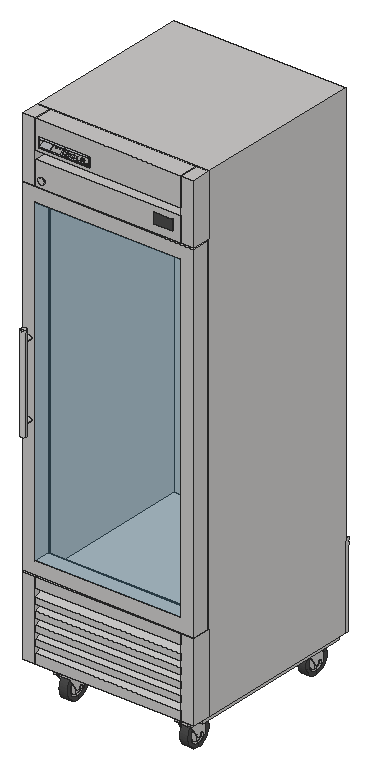
Revit family "QF_TRUE_TS-23G-HC~FGD01_cat", category Specialty Equipment, Revit 2015 (continued)
Definition of nested family "TS-23G-HC-FGD01"
  Automatic sketch dimensions
    Extrusion 23 sketch curve to Extrusion 23 sketch curve = 9 1/2"
    Extrusion 23 sketch curve to Extrusion 23 sketch curve = 55 1/4"
    Extrusion 23 sketch curve to Extrusion 23 sketch curve = 12 1/4"
    Extrusion 23 sketch curve to Extrusion 23 sketch curve = 0"
    Extrusion 23 sketch curve to Extrusion 23 sketch curve = 3"  (x2)
    Extrusion 24 sketch curve to Extrusion 24 sketch curve = 2"
    Extrusion 24 sketch curve to Extrusion 24 sketch curve = 77"
    Extrusion 25 sketch curve to Extrusion 25 sketch curve = 25"
    Extrusion 25 sketch curve to Extrusion 25 sketch curve = 1 3/8"
    Extrusion 26 sketch curve to Extrusion 26 sketch curve = 12.22095"
    Extrusion 26 sketch curve to Extrusion 26 sketch curve = 0.34482"
    Extrusion 26 sketch curve to Extrusion 26 sketch curve = 0.3805"
    Extrusion 26 sketch curve to Extrusion 26 sketch curve = 0.16647"
    Extrusion 26 sketch curve to Extrusion 26 sketch curve = 0.17678"  (x2)
    Extrusion 26 sketch curve to Extrusion 26 sketch curve = 0.14819"
    Extrusion 26 sketch curve to Extrusion 26 sketch curve = 3/8"
    Extrusion 26 sketch curve to Extrusion 26 sketch curve = 0"
    Extrusion 26 sketch curve to Extrusion 26 sketch curve = 1/4"
    Extrusion 26 sketch curve to Extrusion 26 sketch curve = 0.30004"
    plane 4 "RIGHT" to Extrusion 12 sketch curve = 3.25266"
    Extrusion 12 sketch curve to plane 6 "TOP" = 6.62607"
    Extrusion 12 sketch curve to Extrusion 12 sketch curve = 1.63987"
    Extrusion 12 sketch curve to Extrusion 12 sketch curve = 2.94794"
    curve 1 to plane 3 "LEFT" = 0"
    plane 5 "FRONT" to curve 11 = 0"
    curve 4 to plane 4 "RIGHT" = 0"
    plane 1 "BACK" to curve 5 = 0"
    curve 2 to plane 11 = 0"
    curve 9 to plane 12 = 7/16"
    curve 10 to curve 9 = 7/16"
    plane 3 "LEFT" to curve 11 = 0.78232"
    curve 11 to curve 12 = 0.6365"
    curve 12 to curve 7 = 0.58118"
    plane 4 "RIGHT" to curve 8 = 2"
    curve 9 to curve 12 = 0.3002"
    curve 7 to curve 7 = 3"
    Extrusion 27 sketch curve to plane 15 = 0"
    plane 15 to Extrusion 27 sketch curve = 25 3/4"
    Extrusion 27 sketch curve to Extrusion 27 sketch curve = 1.5775"
    Extrusion 27 sketch curve to Extrusion 27 sketch curve = 0.2834"
    curve 13 to curve 14 = 0.2834"
    curve 14 to curve 13 = 4.25181"
    curve 13 to curve 14 = 1.5775"
    curve 14 to curve 13 = 0"
    curve 13 to curve 14 = 13.13367"
    curve 15 to curve 16 = 0.2834"
    curve 16 to curve 15 = 4.25181"
    curve 15 to curve 16 = 1.5775"
    curve 16 to curve 15 = 0"
    curve 15 to curve 16 = 13.13367"
    Extrusion 20 sketch curve to plane 14 = 0"
    Extrusion 20 sketch curve to Extrusion 20 sketch curve = 50 3/4"
    Extrusion 20 sketch curve to Extrusion 20 sketch curve = 2"  (x3)
    Extrusion 6 sketch curve to plane 10 = 0"
    Extrusion 6 sketch curve to Extrusion 6 sketch curve = 50 3/4"
    Extrusion 6 sketch curve to Extrusion 6 sketch curve = 2"  (x3)
    Extrusion 17 sketch curve to Extrusion 17 sketch curve = 23"
    Extrusion 17 sketch curve to Extrusion 17 sketch curve = 50 3/4"
    Extrusion 3 sketch curve to Extrusion 3 sketch curve = 23"
    Extrusion 3 sketch curve to Extrusion 3 sketch curve = 50 3/4"
    Extrusion 22 sketch curve to Extrusion 15 = 1/4"  (x2)
    Extrusion 22 sketch curve to Extrusion 15 = 11 1/2"
    Extrusion 22 sketch curve to Extrusion 15 = 14 1/4"
    Extrusion 22 sketch curve to Extrusion 22 sketch curve = 1.62134"  (x2)
    Extrusion 8 sketch curve to Extrusion 1 = 1/4"  (x2)
    Extrusion 8 sketch curve to Extrusion 1 = 11 1/2"
    Extrusion 8 sketch curve to Extrusion 1 = 14 1/4"
    Extrusion 8 sketch curve to Extrusion 8 sketch curve = 1.62134"  (x2)
    plane 14 to Extrusion 20 sketch curve = 2"
    Extrusion 20 sketch curve to Extrusion 20 sketch curve = 23"
    Extrusion 15 to Extrusion 22 sketch curve = 23 1/4"
    Extrusion 22 sketch curve to Extrusion 22 sketch curve = 1 1/2"
    Revolve 29 sketch curve to Revolve 29 sketch curve = 7/16"
    Revolve 29 sketch curve to Revolve 29 sketch curve = 0"  (x2)
    Revolve 29 sketch curve to Revolve 29 sketch curve = 25/64"
    Extrusion 30 sketch curve to Extrusion 30 sketch curve = 0"
    curve 17 to curve 17 = 14 15/16"
    Revolve 29 sketch curve to Revolve 29 sketch curve = 14 15/16"
    Extrusion 30 sketch curve to Extrusion 30 sketch curve = 11.57772"
    plane 10 to Extrusion 6 sketch curve = 2"
    Extrusion 6 sketch curve to Extrusion 6 sketch curve = 23"
    Extrusion 1 to Extrusion 8 sketch curve = 23 1/4"
    Extrusion 8 sketch curve to Extrusion 8 sketch curve = 1 1/2"
    curve 18 to curve 18 = 14 15/16"
    Extrusion 15 to Extrusion 19 sketch curve = 2 5/8"
    Extrusion 1 to Extrusion 5 sketch curve = 2 5/8"
    Extrusion 33 sketch curve to Extrusion 33 sketch curve = 0.37938"
    Extrusion 33 sketch curve to Extrusion 33 sketch curve = 1"
    Extrusion 33 sketch curve to Extrusion 33 sketch curve = 1.65026"
    Extrusion 33 sketch curve to Extrusion 33 sketch curve = 0.43546"
    Extrusion 33 sketch curve to Extrusion 33 sketch curve = 0.50522"
    Extrusion 33 sketch curve to Extrusion 33 sketch curve = 0.51683"  (x2)
    Extrusion 33 sketch curve to Extrusion 33 sketch curve = 0.53428"
    Extrusion 34 sketch curve to Extrusion 34 sketch curve = 1"
    Extrusion 34 sketch curve to Extrusion 34 sketch curve = 0"
    Extrusion 36 sketch curve to Extrusion 36 sketch curve = 0.0411"
    Extrusion 36 sketch curve to Extrusion 36 sketch curve = 0.54506"
    Extrusion 36 sketch curve to Extrusion 36 sketch curve = 0.91779"
    Extrusion 36 sketch curve to Extrusion 36 sketch curve = 0.45494"
    Extrusion 36 sketch curve to Extrusion 36 sketch curve = 17/32"
    Extrusion 36 sketch curve to Extrusion 36 sketch curve = 1.82353"
    Extrusion 37 sketch curve to Extrusion 37 sketch curve = 0"  (x3)
    Extrusion 37 sketch curve to Extrusion 37 sketch curve = 0.0075"
    Extrusion 37 sketch curve to Extrusion 37 sketch curve = 2.06523"
    Extrusion 37 sketch curve to Extrusion 37 sketch curve = 0.04197"
    Extrusion 37 sketch curve to Extrusion 37 sketch curve = 0.42957"
    Extrusion 37 sketch curve to Extrusion 37 sketch curve = 0.94308"
    Extrusion 39 sketch curve to Extrusion 39 sketch curve = 0.37938"
    Extrusion 39 sketch curve to Extrusion 39 sketch curve = 1"
    Extrusion 39 sketch curve to Extrusion 39 sketch curve = 1.65026"
    Extrusion 39 sketch curve to Extrusion 39 sketch curve = 0.43546"
    Extrusion 39 sketch curve to Extrusion 39 sketch curve = 0.50522"
    Extrusion 39 sketch curve to Extrusion 39 sketch curve = 0.51683"  (x2)
    Extrusion 39 sketch curve to Extrusion 39 sketch curve = 0.53428"
    Extrusion 40 sketch curve to Extrusion 40 sketch curve = 1"
    Extrusion 40 sketch curve to Extrusion 40 sketch curve = 0"
    Extrusion 42 sketch curve to Extrusion 42 sketch curve = 0.0411"
    Extrusion 42 sketch curve to Extrusion 42 sketch curve = 0.54506"
    Extrusion 42 sketch curve to Extrusion 42 sketch curve = 0.91779"
    Extrusion 42 sketch curve to Extrusion 42 sketch curve = 0.45494"
    Extrusion 42 sketch curve to Extrusion 42 sketch curve = 17/32"
    Extrusion 42 sketch curve to Extrusion 42 sketch curve = 1.82353"
    Extrusion 43 sketch curve to Extrusion 43 sketch curve = 0"  (x3)
    Extrusion 43 sketch curve to Extrusion 43 sketch curve = 0.0075"
    Extrusion 43 sketch curve to Extrusion 43 sketch curve = 2.06523"
    Extrusion 43 sketch curve to Extrusion 43 sketch curve = 0.04197"
    Extrusion 43 sketch curve to Extrusion 43 sketch curve = 0.42957"
    Extrusion 43 sketch curve to Extrusion 43 sketch curve = 0.94308"
    radius of Extrusion 11 sketch curve = 1/4"
    radius of Extrusion 4 sketch curve = 1/2"
    radius of Extrusion 18 sketch curve = 1/2"
    radius of Extrusion 30 sketch curve = 0.31825"  (x2)
    radius of Extrusion 33 sketch curve = 1/4"  (x3)
    radius of Extrusion 34 sketch curve = 1/4"  (x2)
    radius of Extrusion 35 sketch curve to Extrusion 36 = 0"
    radius of Extrusion 36 sketch curve = 1/4"
    radius of Extrusion 37 sketch curve = 1/4"
    radius of Extrusion 38 sketch curve = 1/4"
    radius of Extrusion 39 sketch curve = 1/4"  (x3)
    radius of Extrusion 40 sketch curve = 1/4"  (x2)
    radius of Extrusion 41 sketch curve to Extrusion 42 = 0"
    radius of Extrusion 42 sketch curve = 1/4"
    radius of Extrusion 43 sketch curve = 1/4"
    radius of Extrusion 44 sketch curve = 1/4"
  Nested families (in)
    nested 1: "QF_LOGO_TRUE" at (2.5, -29.8125, 79.375), Show Logo <- "Show Logo", type "QF_LOGO_TRUE", detail levels medium+fine
      with Show Logo yes
  Definition of nested family "QF_LOGO_TRUE"
    Parameters (values of type "QF_LOGO_TRUE")
      Show Logo [instance] = yes
    Reference planes (in)
      plane 1 "Center (Front/Back)": y = 0
      plane 2: z = 0
      plane 3 "Center (Left/Right)": x = 0
    Forms (in)
      Extrusion 1, solid, visible <- "Show Logo", detail levels medium+fine
        sketch origin (-78.34647, 34.76905, -30.51001) x (1, 0, 0) y (0, 0, 1)
          loop
            line (81.15226, 31.65456) -> (81.07353, 31.48573) -> (82.12083, 31.48573)
            arc (82.12083, 31.48573) -> (82.14208, 31.44814) -> (82.12083, 31.41055) r 0.04386
            line (82.12083, 31.41055) -> (81.84767, 30.82478)
            arc (81.84767, 30.82478) -> (81.84531, 30.77052) -> (81.882, 30.73048) r 0.07096
            line (81.882, 30.73048) -> (82.55165, 30.73048)
            arc (82.55165, 30.73048) -> (82.63621, 30.75714) -> (82.69019, 30.82748) r 0.14742
            line (82.69019, 30.82748) -> (82.90515, 31.28847) -> (83.10265, 31.28847)
            arc (83.10265, 31.28847) -> (83.15447, 31.26942) -> (83.14697, 31.21472) r 0.04405
            line (83.14697, 31.21472) -> (82.9671, 30.82899)
            arc (82.9671, 30.82899) -> (82.9699, 30.76493) -> (83.02398, 30.73048) r 0.06943
            line (83.02398, 30.73048) -> (83.6124, 30.73048)
            arc (83.6124, 30.73048) -> (83.65748, 30.74689) -> (83.68147, 30.78844) r 0.07014
            arc (83.68147, 30.78844) -> (83.69845, 30.74745) -> (83.73943, 30.73048) r 0.05796
            line (83.73943, 30.73048) -> (84.112, 30.73048)
            arc (84.112, 30.73048) -> (84.15504, 30.74201) -> (84.18655, 30.77352) r 0.08608
            arc (84.18655, 30.77352) -> (84.20164, 30.7371) -> (84.23806, 30.72202) r 0.0515
            line (84.23806, 30.72202) -> (84.76757, 30.72202)
            arc (84.76757, 30.72202) -> (84.81086, 30.73995) -> (84.8288, 30.78324) r 0.06122
            arc (84.8288, 30.78324) -> (84.86848, 30.74355) -> (84.92269, 30.72903) r 0.10842
            line (84.92269, 30.72903) -> (85.91461, 30.72903) -> (86.02479, 30.91987) -> (85.0243, 30.91987)
            arc (85.0243, 30.91987) -> (84.99669, 30.93902) -> (84.99566, 30.97261) r 0.03732
            line (84.99566, 30.97261) -> (85.01297, 31.00972)
            arc (85.01297, 31.00972) -> (85.03954, 31.04453) -> (85.0813, 31.05774) r 0.07263
            line (85.0813, 31.05774) -> (85.40289, 31.05774)
            arc (85.40289, 31.05774) -> (85.4723, 31.07633) -> (85.52311, 31.12715) r 0.13882
            line (85.52311, 31.12715) -> (85.61625, 31.28847)
            arc (85.61625, 31.28847) -> (85.61625, 31.37458) -> (85.54168, 31.41763) r 0.08611
            line (85.54168, 31.41763) -> (85.20227, 31.41763)
            arc (85.20227, 31.41763) -> (85.11574, 31.40294) -> (85.05538, 31.33923) r 0.13863
            line (85.05538, 31.33923) -> (84.89409, 30.99333)
            arc (84.89409, 30.99333) -> (84.84649, 30.9313) -> (84.77191, 30.90778) r 0.13002
            line (84.77191, 30.90778) -> (84.41984, 30.90778)
            arc (84.41984, 30.90778) -> (84.3777, 30.95378) -> (84.38042, 31.0161) r 0.08151
            line (84.38042, 31.0161) -> (84.56766, 31.41763) -> (84.44849, 31.41763) -> (84.25012, 30.99222)
            arc (84.25012, 30.99222) -> (84.21158, 30.94199) -> (84.15119, 30.92296) r 0.10527
            line (84.15119, 30.92296) -> (83.90842, 30.92296)
            arc (83.90842, 30.92296) -> (83.8674, 30.97642) -> (83.87619, 31.04323) r 0.08805
            line (83.87619, 31.04323) -> (84.05078, 31.41763) -> (83.92772, 31.41763) -> (83.72676, 30.98668)
            arc (83.72676, 30.98668) -> (83.68011, 30.94003) -> (83.61639, 30.92296) r 0.12745
            line (83.61639, 30.92296) -> (83.26484, 30.92296)
            arc (83.26484, 30.92296) -> (83.2017, 30.9524) -> (83.19563, 31.0218) r 0.06967
            line (83.19563, 31.0218) -> (83.31118, 31.26961) -> (83.47452, 31.26961)
            arc (83.47452, 31.26961) -> (83.50209, 31.35268) -> (83.56075, 31.41763) r 0.21289
            line (83.56075, 31.41763) -> (82.92244, 31.41763)
            arc (82.92244, 31.41763) -> (82.85151, 31.40191) -> (82.80242, 31.34834) r 0.12081
            line (82.80242, 31.34834) -> (82.6294, 30.9773)
            arc (82.6294, 30.9773) -> (82.58962, 30.93752) -> (82.53528, 30.92296) r 0.10869
            line (82.53528, 30.92296) -> (82.1542, 30.92296)
            arc (82.1542, 30.92296) -> (82.12446, 30.96315) -> (82.13012, 31.01283) r 0.06822
            line (82.13012, 31.01283) -> (82.38156, 31.48573) -> (83.01596, 31.48573) -> (83.09469, 31.65456) -> (82.46029, 31.65456) -> (82.53902, 31.8234) -> (82.31334, 31.8234) -> (82.23461, 31.65456) -> (81.15226, 31.65456)
          loop
            arc (85.15937, 31.26434) -> (85.13191, 31.25698) -> (85.1118, 31.23688) r 0.05494
            line (85.1118, 31.23688) -> (85.09547, 31.18665)
            arc (85.09547, 31.18665) -> (85.10304, 31.16837) -> (85.12133, 31.16079) r 0.02586
            line (85.12133, 31.16079) -> (85.39889, 31.16079)
            arc (85.39889, 31.16079) -> (85.41888, 31.16523) -> (85.43513, 31.1777) r 0.04731
            line (85.43513, 31.1777) -> (85.44863, 31.2402)
            arc (85.44863, 31.2402) -> (85.44466, 31.25693) -> (85.42914, 31.26434) r 0.01994
            line (85.42914, 31.26434) -> (85.15937, 31.26434)
          loop
            line (78.62961, 30.74125) -> (80.12032, 30.74125) -> (80.73891, 31.81268) -> (79.2482, 31.81268) -> (78.62961, 30.74125)
        from 34.76797 to 34.83173
      Extrusion 2, solid, visible <- "Show Logo", detail levels medium+fine
        sketch origin (-142.84857, 34.75108, -33.3546) x (1, 0, 0) y (0, 0, 1)
          loop
            line (150.81107, 34.71978) -> (142.98607, 34.71978) -> (142.98607, 33.4921) -> (150.81107, 33.4921) -> (150.81107, 34.71978)
        from 34.75108 to 34.78125
      Extrusion 3, solid, visible <- "Show Logo", detail levels medium+fine
        sketch origin (-142.84857, 34.75108, -33.3546) x (1, 0, 0) y (0, 0, 1)
          loop
            line (150.94857, 34.85727) -> (142.84857, 34.85727) -> (142.84857, 33.3546) -> (150.94857, 33.3546) -> (150.94857, 34.85727)
          loop
            line (142.98607, 34.71978) -> (142.98607, 33.4921) -> (150.81107, 33.4921) -> (150.81107, 34.71978) -> (142.98607, 34.71978)
        from 34.75108 to 34.81376
      Extrusion 4, solid, not visible
        sketch origin (121.45701, -16.5, 4.98235) x (1, 0, 0) y (0, 0, 1)
          loop
            line (25.20115, 35.89949) -> (25.20115, 33.96647) -> (30.95381, 33.96647) -> (30.95381, 35.89949) -> (25.20115, 35.89949)
        from 31.5 to 31.54261
      Extrusion 5, solid, not visible
        sketch origin (121.45701, -16.5, 4.98235) x (1, 0, 0) y (0, 0, 1)
          loop
            line (26.7387, 34.95472) -> (26.61492, 34.49276) -> (27.038, 34.49276)
            arc (27.038, 34.49276) -> (27.13117, 34.52484) -> (27.18485, 34.60749) r 0.15134
            arc (27.18485, 34.60749) -> (27.20396, 34.68138) -> (27.22435, 34.75493) r 4.37326
            arc (27.22435, 34.75493) -> (27.23458, 34.81765) -> (27.22435, 34.88037) r 0.1974
            arc (27.22435, 34.88037) -> (27.18247, 34.93579) -> (27.11563, 34.95472) r 0.10914
            line (27.11563, 34.95472) -> (26.7387, 34.95472)
          loop
            line (26.90201, 34.80638) -> (26.84645, 34.59903) -> (26.92855, 34.59903)
            arc (26.92855, 34.59903) -> (26.98205, 34.6185) -> (27.01051, 34.6678) r 0.08322
            line (27.01051, 34.6678) -> (27.02399, 34.74424)
            arc (27.02399, 34.74424) -> (27.01491, 34.78454) -> (26.97985, 34.80638) r 0.05353
            line (26.97985, 34.80638) -> (26.90201, 34.80638)
          loop
            line (27.45336, 34.66131) -> (27.76233, 34.66131) -> (27.78859, 34.73909)
            arc (27.78859, 34.73909) -> (27.7878, 34.82039) -> (27.73107, 34.87864) r 0.10925
            arc (27.73107, 34.87864) -> (27.68233, 34.8944) -> (27.63139, 34.89974) r 0.24595
            line (27.63139, 34.89974) -> (27.46708, 34.89974)
            arc (27.46708, 34.89974) -> (27.4068, 34.88073) -> (27.3535, 34.84677) r 0.2421
            arc (27.3535, 34.84677) -> (27.2897, 34.76363) -> (27.26702, 34.66131) r 0.2421
            line (27.26702, 34.66131) -> (27.26702, 34.54477)
            arc (27.26702, 34.54477) -> (27.31618, 34.4956) -> (27.38334, 34.47761) r 0.13431
            line (27.38334, 34.47761) -> (27.59054, 34.47761)
            arc (27.59054, 34.47761) -> (27.63459, 34.48281) -> (27.67622, 34.49812) r 0.18924
            line (27.67622, 34.49812) -> (27.73102, 34.61563)
            arc (27.73102, 34.61563) -> (27.68453, 34.59565) -> (27.63566, 34.58252) r 0.35376
            arc (27.63566, 34.58252) -> (27.55885, 34.56956) -> (27.48204, 34.58252) r 0.23415
            arc (27.48204, 34.58252) -> (27.44492, 34.61362) -> (27.45336, 34.66131) r 0.04838
          loop
            line (27.4842, 34.73042) -> (27.62012, 34.73042) -> (27.62621, 34.76496)
            arc (27.62621, 34.76496) -> (27.58961, 34.80242) -> (27.53739, 34.80638) r 0.0742
            arc (27.53739, 34.80638) -> (27.49747, 34.77773) -> (27.4842, 34.73042) r 0.0742
          loop
            line (27.91616, 34.97572) -> (27.78675, 34.49276) -> (27.98645, 34.49276) -> (28.11586, 34.97572) -> (27.91616, 34.97572)
          loop
            line (28.13678, 34.66131) -> (28.08755, 34.47761) -> (28.27134, 34.47761) -> (28.32056, 34.66131) -> (28.43674, 34.66131) -> (28.47974, 34.78864) -> (28.36519, 34.78864)
            arc (28.36519, 34.78864) -> (28.35733, 34.81649) -> (28.36921, 34.84288) r 0.04231
            arc (28.36921, 34.84288) -> (28.431, 34.8652) -> (28.49617, 34.85686) r 0.13988
            line (28.49617, 34.85686) -> (28.53544, 34.97317)
            arc (28.53544, 34.97317) -> (28.39725, 34.99096) -> (28.25905, 34.97317) r 0.54546
            arc (28.25905, 34.97317) -> (28.20849, 34.91994) -> (28.18197, 34.85147) r 0.1894
            line (28.18197, 34.85147) -> (28.17089, 34.78864) -> (28.11397, 34.78864) -> (28.07985, 34.66131) -> (28.13678, 34.66131)
          loop
            arc (28.74846, 34.89756) -> (28.65884, 34.88533) -> (28.56922, 34.89756) r 0.33455
            line (28.56922, 34.89756) -> (28.45669, 34.47761) -> (28.63593, 34.47761) -> (28.74846, 34.89756)
          loop
            arc (28.60398, 35.01195) -> (28.57699, 34.97173) -> (28.60398, 34.9315) r 0.04347
            line (28.60398, 34.9315) -> (28.75755, 34.9315)
            arc (28.75755, 34.9315) -> (28.78645, 34.96687) -> (28.77911, 35.01195) r 0.0556
            line (28.77911, 35.01195) -> (28.60398, 35.01195)
          loop
            line (28.95336, 34.66131) -> (29.26233, 34.66131) -> (29.28859, 34.73909)
            arc (29.28859, 34.73909) -> (29.2878, 34.82039) -> (29.23107, 34.87864) r 0.10925
            arc (29.23107, 34.87864) -> (29.18233, 34.8944) -> (29.13139, 34.89974) r 0.24595
            line (29.13139, 34.89974) -> (28.96708, 34.89974)
            arc (28.96708, 34.89974) -> (28.9068, 34.88073) -> (28.8535, 34.84677) r 0.2421
            arc (28.8535, 34.84677) -> (28.7897, 34.76363) -> (28.76702, 34.66131) r 0.2421
            line (28.76702, 34.66131) -> (28.76702, 34.54477)
            arc (28.76702, 34.54477) -> (28.81618, 34.4956) -> (28.88334, 34.47761) r 0.13431
            line (28.88334, 34.47761) -> (29.09054, 34.47761)
            arc (29.09054, 34.47761) -> (29.13459, 34.48281) -> (29.17622, 34.49812) r 0.18924
            line (29.17622, 34.49812) -> (29.23102, 34.61563)
            arc (29.23102, 34.61563) -> (29.18453, 34.59565) -> (29.13566, 34.58252) r 0.35376
            arc (29.13566, 34.58252) -> (29.05885, 34.56956) -> (28.98204, 34.58252) r 0.23415
            arc (28.98204, 34.58252) -> (28.94492, 34.61362) -> (28.95336, 34.66131) r 0.04838
          loop
            line (28.9842, 34.73042) -> (29.12012, 34.73042) -> (29.12621, 34.76496)
            arc (29.12621, 34.76496) -> (29.08961, 34.80242) -> (29.03739, 34.80638) r 0.0742
            arc (29.03739, 34.80638) -> (28.99747, 34.77773) -> (28.9842, 34.73042) r 0.0742
          loop
            line (29.41616, 34.97572) -> (29.28675, 34.49276) -> (29.48645, 34.49276) -> (29.61586, 34.97572) -> (29.41616, 34.97572)
          loop
            line (29.99836, 34.97572) -> (29.95192, 34.80242)
            arc (29.95192, 34.80242) -> (29.94473, 34.85705) -> (29.90102, 34.89059) r 0.07199
            arc (29.90102, 34.89059) -> (29.80023, 34.89941) -> (29.70251, 34.87322) r 0.29131
            arc (29.70251, 34.87322) -> (29.61806, 34.7652) -> (29.5896, 34.63108) r 0.30433
            line (29.5896, 34.63108) -> (29.5896, 34.55572)
            arc (29.5896, 34.55572) -> (29.61075, 34.50463) -> (29.66184, 34.48348) r 0.07224
            line (29.66184, 34.48348) -> (29.78537, 34.48348)
            arc (29.78537, 34.48348) -> (29.83854, 34.51313) -> (29.88504, 34.55243) r 0.31609
            line (29.88504, 34.55243) -> (29.86905, 34.49276) -> (30.05973, 34.49276) -> (30.18914, 34.97572) -> (29.99836, 34.97572)
          loop
            arc (29.84537, 34.75931) -> (29.79424, 34.71128) -> (29.77745, 34.64317) r 0.12371
            arc (29.77745, 34.64317) -> (29.80071, 34.59901) -> (29.85056, 34.59647) r 0.05045
            arc (29.85056, 34.59647) -> (29.90141, 34.64047) -> (29.92536, 34.7033) r 0.13769
            arc (29.92536, 34.7033) -> (29.90211, 34.75521) -> (29.84537, 34.75931) r 0.05543
          loop
            line (26.45047, 35.26762) -> (26.58211, 35.26762)
            arc (26.58211, 35.26762) -> (26.60467, 35.30821) -> (26.62126, 35.35157) r 0.3277
            arc (26.62126, 35.35157) -> (26.62714, 35.39992) -> (26.60877, 35.44503) r 0.09693
            arc (26.60877, 35.44503) -> (26.56454, 35.48868) -> (26.50462, 35.50516) r 0.12312
            arc (26.50462, 35.50516) -> (26.44158, 35.50565) -> (26.37854, 35.50546) r 5.76967
            arc (26.37854, 35.50546) -> (26.07462, 35.42923) -> (25.81045, 35.26076) r 0.97743
            line (25.81045, 35.26076) -> (25.85921, 35.26076)
            arc (25.85921, 35.26076) -> (26.08494, 35.39361) -> (26.3396, 35.45485) r 0.88817
            arc (26.3396, 35.45485) -> (26.41429, 35.44188) -> (26.47267, 35.39352) r 0.14748
            arc (26.47267, 35.39352) -> (26.48041, 35.32725) -> (26.45047, 35.26762) r 0.11636
          loop
            arc (26.35412, 35.17841) -> (26.19578, 35.0555) -> (26.00982, 34.98069) r 0.72453
            arc (26.00982, 34.98069) -> (25.9036, 34.95581) -> (25.79459, 34.9604) r 0.40201
            arc (25.79459, 34.9604) -> (25.7275, 34.98819) -> (25.69972, 35.05528) r 0.09488
            arc (25.69972, 35.05528) -> (25.71867, 35.12629) -> (25.77049, 35.17841) r 0.1425
            line (25.77049, 35.17841) -> (25.73665, 35.18748)
            arc (25.73665, 35.18748) -> (25.67632, 35.09876) -> (25.66924, 34.99171) r 0.20432
            arc (25.66924, 34.99171) -> (25.71443, 34.9227) -> (25.79473, 34.90384) r 0.11116
            arc (25.79473, 34.90384) -> (25.91172, 34.89904) -> (26.02716, 34.91862) r 0.56145
            arc (26.02716, 34.91862) -> (26.27675, 35.021) -> (26.49584, 35.17841) r 1.15683
            line (26.49584, 35.17841) -> (26.35412, 35.17841)
        from 31.54261 to 31.56272
    Dimensions and locks (in)
      aligned and locked: level to plane 2
      aligned and locked: Extrusion 2 to Extrusion 3  (x2)
      aligned and locked: Extrusion 2 sketch curve to Extrusion 3
